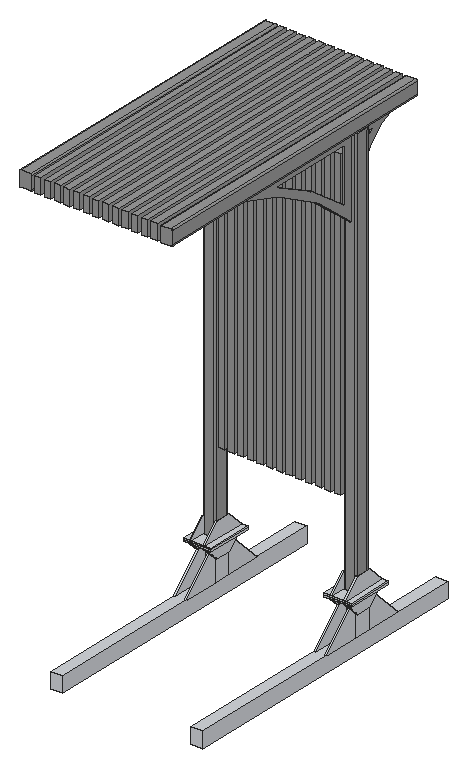
Revit family "Пергола «Санторини»  Арт 14893", category Антураж, Revit 2018
Family settings
  На основе рабочей плоскости = Нет
  Всегда вертикально = Да
  При загрузке вырезать с полостями = Нет
  Источник визуального образа = Геометрия семейства
  Общий = Нет
  Точка расчета площади = Нет
Parameters (values of type "Пергола «Санторини»")
  Ширина = 2000 mm  # constant formula
  Цвет отделки = Дерево
  Цвет каркаса = Сталь
  Описание = "Пергола «Санторини»"  # constant formula
  Материал изделия = "Сталь, дерево"  # constant formula
  Изображение типоразмера = Пергола санторини.jpg
  Изготовитель = "ООО «Хоббика»"  # constant formula
  Длина = 1000 mm  # constant formula
  Группа модели = "Навесы, перголы и ротонды"  # constant formula
  Высота = 2500 mm  # constant formula
  Артикул товара = "Арт. 14893"
  URL = "https://hobbyka.ru/product/pergola_santorini/"
Reference planes
  plane 1 "По центру (Вперед/Назад)": y = 0
  plane 2: z = 0
  plane 3 "По центру (Влево/Вправо)": x = 0
  plane 4: y = 2250
  plane 5: x = 1000
Forms (mm)
  Extrusion 1, solid, material "Дерево" <- "Цвет отделки"
    sketch origin (-10, 0, 0) x (1, 0, 0) y (0, 1, 0)
      loop
        line (110, 1600) -> (110, 1500) -> (150, 1500) -> (150, 1600) -> (110, 1600)
    from 250 to 2250
  Extrusion 2, solid, material "Дерево" <- "Цвет отделки"
    sketch origin (750, 0, 0) x (1, 0, 0) y (0, 1, 0)
      loop
        line (110, 1600) -> (110, 1500) -> (150, 1500) -> (150, 1600) -> (110, 1600)
    from 250 to 2250
  Extrusion 3, solid, material "Дерево" <- "Цвет отделки"
    sketch origin (53.333, 0, 0) x (1, 0, 0) y (0, 1, 0)
      loop
        line (110, 1600) -> (110, 1500) -> (150, 1500) -> (150, 1600) -> (110, 1600)
    from 250 to 2250
  Extrusion 4, solid, material "Дерево" <- "Цвет отделки"
    sketch origin (116.667, 0, 0) x (1, 0, 0) y (0, 1, 0)
      loop
        line (110, 1600) -> (110, 1500) -> (150, 1500) -> (150, 1600) -> (110, 1600)
    from 250 to 2250
  Extrusion 5, solid, material "Дерево" <- "Цвет отделки"
    sketch origin (180, 0, 0) x (1, 0, 0) y (0, 1, 0)
      loop
        line (110, 1600) -> (110, 1500) -> (150, 1500) -> (150, 1600) -> (110, 1600)
    from 250 to 2250
  Extrusion 6, solid, material "Дерево" <- "Цвет отделки"
    sketch origin (243.333, 0, 0) x (1, 0, 0) y (0, 1, 0)
      loop
        line (110, 1600) -> (110, 1500) -> (150, 1500) -> (150, 1600) -> (110, 1600)
    from 250 to 2250
  Extrusion 7, solid, material "Дерево" <- "Цвет отделки"
    sketch origin (306.667, 0, 0) x (1, 0, 0) y (0, 1, 0)
      loop
        line (110, 1600) -> (110, 1500) -> (150, 1500) -> (150, 1600) -> (110, 1600)
    from 250 to 2250
  Extrusion 8, solid, material "Дерево" <- "Цвет отделки"
    sketch origin (370, 0, 0) x (1, 0, 0) y (0, 1, 0)
      loop
        line (110, 1600) -> (110, 1500) -> (150, 1500) -> (150, 1600) -> (110, 1600)
    from 250 to 2250
  Extrusion 9, solid, material "Дерево" <- "Цвет отделки"
    sketch origin (433.333, 0, 0) x (1, 0, 0) y (0, 1, 0)
      loop
        line (110, 1600) -> (110, 1500) -> (150, 1500) -> (150, 1600) -> (110, 1600)
    from 250 to 2250
  Extrusion 10, solid, material "Дерево" <- "Цвет отделки"
    sketch origin (496.667, 0, 0) x (1, 0, 0) y (0, 1, 0)
      loop
        line (110, 1600) -> (110, 1500) -> (150, 1500) -> (150, 1600) -> (110, 1600)
    from 250 to 2250
  Extrusion 11, solid, material "Дерево" <- "Цвет отделки"
    sketch origin (560, 0, 0) x (1, 0, 0) y (0, 1, 0)
      loop
        line (110, 1600) -> (110, 1500) -> (150, 1500) -> (150, 1600) -> (110, 1600)
    from 250 to 2250
  Extrusion 12, solid, material "Дерево" <- "Цвет отделки"
    sketch origin (623.333, 0, 0) x (1, 0, 0) y (0, 1, 0)
      loop
        line (110, 1600) -> (110, 1500) -> (150, 1500) -> (150, 1600) -> (110, 1600)
    from 250 to 2250
  Extrusion 13, solid, material "Дерево" <- "Цвет отделки"
    sketch origin (686.667, 0, 0) x (1, 0, 0) y (0, 1, 0)
      loop
        line (110, 1600) -> (110, 1500) -> (150, 1500) -> (150, 1600) -> (110, 1600)
    from 250 to 2250
  Extrusion 14, solid, material "Дерево" <- "Цвет отделки"
    sketch origin (0, 0, 0) x (1, 0, 0) y (0, 0, 1)
      loop
        line (100, 2500) -> (100, 2400) -> (140, 2400) -> (140, 2500) -> (100, 2500)
    from -2000 to 0
  Extrusion 15, solid, material "Дерево" <- "Цвет отделки"
    sketch origin (760, 0, 0) x (1, 0, 0) y (0, 0, 1)
      loop
        line (100, 2500) -> (100, 2400) -> (140, 2400) -> (140, 2500) -> (100, 2500)
    from -2000 to 0
  Extrusion 16, solid, material "Дерево" <- "Цвет отделки"
    sketch origin (63.333, 0, 0) x (1, 0, 0) y (0, 0, 1)
      loop
        line (100, 2500) -> (100, 2400) -> (140, 2400) -> (140, 2500) -> (100, 2500)
    from -2000 to 0
  Extrusion 17, solid, material "Дерево" <- "Цвет отделки"
    sketch origin (126.667, 0, 0) x (1, 0, 0) y (0, 0, 1)
      loop
        line (100, 2500) -> (100, 2400) -> (140, 2400) -> (140, 2500) -> (100, 2500)
    from -2000 to 0
  Extrusion 18, solid, material "Дерево" <- "Цвет отделки"
    sketch origin (190, 0, 0) x (1, 0, 0) y (0, 0, 1)
      loop
        line (100, 2500) -> (100, 2400) -> (140, 2400) -> (140, 2500) -> (100, 2500)
    from -2000 to 0
  Extrusion 19, solid, material "Дерево" <- "Цвет отделки"
    sketch origin (253.333, 0, 0) x (1, 0, 0) y (0, 0, 1)
      loop
        line (100, 2500) -> (100, 2400) -> (140, 2400) -> (140, 2500) -> (100, 2500)
    from -2000 to 0
  Extrusion 20, solid, material "Дерево" <- "Цвет отделки"
    sketch origin (316.667, 0, 0) x (1, 0, 0) y (0, 0, 1)
      loop
        line (100, 2500) -> (100, 2400) -> (140, 2400) -> (140, 2500) -> (100, 2500)
    from -2000 to 0
  Extrusion 21, solid, material "Дерево" <- "Цвет отделки"
    sketch origin (380, 0, 0) x (1, 0, 0) y (0, 0, 1)
      loop
        line (100, 2500) -> (100, 2400) -> (140, 2400) -> (140, 2500) -> (100, 2500)
    from -2000 to 0
  Extrusion 22, solid, material "Дерево" <- "Цвет отделки"
    sketch origin (443.333, 0, 0) x (1, 0, 0) y (0, 0, 1)
      loop
        line (100, 2500) -> (100, 2400) -> (140, 2400) -> (140, 2500) -> (100, 2500)
    from -2000 to 0
  Extrusion 23, solid, material "Дерево" <- "Цвет отделки"
    sketch origin (506.667, 0, 0) x (1, 0, 0) y (0, 0, 1)
      loop
        line (100, 2500) -> (100, 2400) -> (140, 2400) -> (140, 2500) -> (100, 2500)
    from -2000 to 0
  Extrusion 24, solid, material "Дерево" <- "Цвет отделки"
    sketch origin (570, 0, 0) x (1, 0, 0) y (0, 0, 1)
      loop
        line (100, 2500) -> (100, 2400) -> (140, 2400) -> (140, 2500) -> (100, 2500)
    from -2000 to 0
  Extrusion 25, solid, material "Дерево" <- "Цвет отделки"
    sketch origin (633.333, 0, 0) x (1, 0, 0) y (0, 0, 1)
      loop
        line (100, 2500) -> (100, 2400) -> (140, 2400) -> (140, 2500) -> (100, 2500)
    from -2000 to 0
  Extrusion 26, solid, material "Дерево" <- "Цвет отделки"
    sketch origin (696.667, 0, 0) x (1, 0, 0) y (0, 0, 1)
      loop
        line (100, 2500) -> (100, 2400) -> (140, 2400) -> (140, 2500) -> (100, 2500)
    from -2000 to 0
Dimensions and locks
  equal spacing: group 1, group 3, group 4, group 5, group 6, group 7, group 8, group 9, group 10, group 11, group 12, group 13, group 2  (x3)
  equal spacing: group 14, group 16, group 17, group 18, group 19, group 20, group 21, group 22, group 23, group 24, group 25, group 26, group 15  (x3)
  aligned and locked: level to plane 2
Nested families
  nested 1: "опора" at (0, 0, 0), type "опора"
  nested 2: "опора" at (920, 0, 0), type "опора"
Definition of nested family "опора"
  Parameters (values of type "опора")
    Цвет каркаса = none
    Height = 0 mm
  Reference planes
    plane 1 "По центру (Вперед/Назад)": y = 0
    plane 2: z = 0
    plane 3 "По центру (Влево/Вправо)": x = 0
    plane 4: y = 2000
    plane 5: x = 80
  Forms (mm)
    Extrusion 1, solid, material <- "Цвет каркаса"
      sketch origin (0, 1500, 0) x (1, 0, 0) y (0, 1, 0)
        loop
          line (10, 0) -> (70, 0)
          arc (70, 0) -> (77.071, 2.929) -> (80, 10) r 10
          line (80, 10) -> (80, 90)
          arc (80, 90) -> (77.071, 97.071) -> (70, 100) r 10
          line (70, 100) -> (10, 100)
          arc (10, 100) -> (2.929, 97.071) -> (0, 90) r 10
          line (0, 90) -> (0, 10)
          arc (0, 10) -> (2.929, 2.929) -> (10, 0) r 10
      from -300 to 2400
    Extrusion 2, solid, material <- "Цвет каркаса"
      sketch origin (0, 1500, 0) x (0, 1, 0) y (0, 0, 1)
        loop
          line (450, 2400) -> (100, 2400) -> (100, 2050)
          arc (100, 2050) -> (202.513, 2297.487) -> (450, 2400) r 350
        loop
          line (150, 2350) -> (150, 2314.575)
          arc (150, 2314.575) -> (167.157, 2332.843) -> (185.425, 2350) r 400
          line (185.425, 2350) -> (150, 2350)
      from 35 to 45
    Extrusion 3, solid, material <- "Цвет каркаса"
      sketch origin (0, 1500, 0) x (0, 1, 0) y (0, 0, 1)
        loop
          arc (-937.5, 2400) -> (-432.833, 2201.637) -> (0, 1875) r 2000
          line (0, 1875) -> (0, 2400) -> (-937.5, 2400)
        loop
          arc (-624.145, 2350) -> (-322.121, 2194.132) -> (-50, 1990.506) r 2050
          line (-50, 1990.506) -> (-50, 2350) -> (-624.145, 2350)
      from 35 to 45
    Extrusion 4, solid
      sketch origin (0, 0, 0) x (1, 0, 0) y (0, 1, 0)
        loop
          line (-50, 1700) -> (-50, 1400) -> (130, 1400) -> (130, 1700) -> (-50, 1700)
      from -300 to -290
    Extrusion 5, solid
      sketch origin (0, 0, 0) x (0, 1, 0) y (0, 0, 1)
        loop
          line (1600, -190) -> (1500, -190) -> (1400, -290) -> (1700, -290) -> (1600, -190)
      from -10 to 0
    Extrusion 6, solid
      sketch origin (0, 0, 0) x (0, 1, 0) y (0, 0, 1)
        loop
          line (1600, -190) -> (1500, -190) -> (1400, -290) -> (1700, -290) -> (1600, -190)
      from 80 to 90
    Extrusion 7, solid
      sketch origin (0, 0, -600) x (0, -1, 0) y (1, 0, 0)
        loop
          line (-1700, -50) -> (-1400, -50) -> (-1400, 130) -> (-1700, 130) -> (-1700, -50)
      from 290 to 300
    Extrusion 8, solid
      sketch origin (0, 0, -600) x (0, 1, 0) y (0, 0, 1)
        loop
          line (1600, 190) -> (1700, 290) -> (1400, 290) -> (1500, 190) -> (1600, 190)
      from -10 to 0
    Extrusion 9, solid
      sketch origin (0, 0, -600) x (0, 1, 0) y (0, 0, 1)
        loop
          line (1600, 190) -> (1700, 290) -> (1400, 290) -> (1500, 190) -> (1600, 190)
      from 80 to 90
    Extrusion 10, solid
      sketch origin (0, 1750, -3050) x (0, 1, 0) y (0, 0, 1)
        loop
          line (500, 2500) -> (-1500, 2500) -> (-1500, 2400) -> (500, 2400) -> (500, 2500)
      from 0 to 80
    Extrusion 11, solid
      sketch origin (0, 0, 0) x (1, 0, 0) y (0, 1, 0)
        loop
          line (80, 1600) -> (0, 1600) -> (0, 1500) -> (80, 1500) -> (80, 1600)
      from -550 to -310
    Extrusion 12, solid
      sketch origin (0, 0, 0) x (0, 1, 0) y (0, 0, 1)
        loop
          line (1600, -550) -> (1840, -550) -> (1600, -310) -> (1600, -550)
        loop
          line (1500, -550) -> (1500, -310) -> (1260, -550) -> (1500, -550)
      from 0 to 10
    Extrusion 13, solid
      sketch origin (0, 0, 0) x (0, 1, 0) y (0, 0, 1)
        loop
          line (1600, -550) -> (1840, -550) -> (1600, -310) -> (1600, -550)
        loop
          line (1500, -550) -> (1500, -310) -> (1260, -550) -> (1500, -550)
      from 70 to 80
    Extrusion 14, solid, material <- "Цвет каркаса"
      sketch origin (0, 0, 0) x (1, 0, 0) y (0, 0, 1)
        loop
          arc (10, 2500) -> (2.929, 2497.071) -> (0, 2490) r 10
          line (0, 2490) -> (0, 2410)
          arc (0, 2410) -> (2.929, 2402.929) -> (10, 2400) r 10
          line (10, 2400) -> (70, 2400)
          arc (70, 2400) -> (77.071, 2402.929) -> (80, 2410) r 10
          line (80, 2410) -> (80, 2490)
          arc (80, 2490) -> (77.071, 2497.071) -> (70, 2500) r 10
          line (70, 2500) -> (10, 2500)
      from -2000 to 0
  Dimensions and locks
    aligned and locked: level to plane 2
